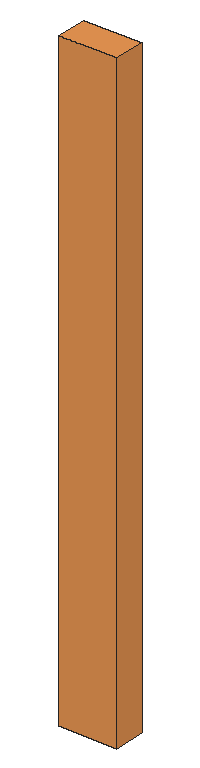
Revit family "BUS_Vertical Length 1600A", category Electrical Equipment, Revit 2025
Family settings
  Panel Configuration = Two Columns, Circuits Across
  Round Connector Dimension = Use Diameter
  Part Type = Panelboard
  OmniClass Number = 23.80.30.11.17
  OmniClass Title = Distribution Boards and Control Panels
  Work Plane-Based = No
  Always vertical = Yes
  Cut with Voids When Loaded = No
  Maintain Annotation Orientation = No
  Shared = No
  Room Calculation Point = No
Parameters (values of type "1600A Cu 4P+PE")
  built-in parameter 1140142 [instance] = -1
  Section Length [instance] = 3000 mm
  Rated Current = "1600 A"
  built-in parameter 1140140 [instance] = 1 (stored number, unit not read)
  built-in parameter 1155100 [instance] = -1
  Default Elevation = 0 mm
  Busduct Width = 280 mm
  Busduct Depth = 150 mm
Reference planes
  plane 1 "Center (Front/Back)": y = 0
  plane 2: z = 0
  plane 3 "Center (Left/Right)": x = 0
  plane 4 "Left": x = -140
  plane 5 "Right": x = 140
  plane 6 "Front": y = -75
  plane 7 "Back": y = 75
  plane 8 "Top": z = 3000
Forms (mm)
  Extrusion 1, solid, material "Busduct Housing"
    sketch origin (0, 0, 0) x (1, 0, 0) y (0, 1, 0)
      loop
        line (-140, -75) -> (140, -75) -> (140, 75) -> (-140, 75) -> (-140, -75)
    from 0 to 3000
Dimensions and locks
  equal spacing: plane 4 "Left", plane 3 "Center (Left/Right)", plane 5 "Right"
  "Busduct Width": plane 4 "Left" to plane 5 "Right"
  equal spacing: plane 6 "Front", plane 1 "Center (Front/Back)", plane 7 "Back"
  "Busduct Depth": plane 6 "Front" to plane 7 "Back"
  "Section Length": level to plane 8 "Top"
  aligned and locked: level to plane 2
  aligned and locked: Extrusion 1 to plane 8 "Top"
  aligned and locked: Extrusion 1 to level
  aligned and locked: Extrusion 1 to plane 5 "Right"
  aligned and locked: plane 7 "Back" to Extrusion 1
  aligned and locked: plane 4 "Left" to Extrusion 1
  aligned and locked: Extrusion 1 to plane 6 "Front"
Automatic sketch dimensions
  Extrusion 1 sketch curve to plane 4 "Left" = 0 mm
  Extrusion 1 sketch curve to plane 5 "Right" = 0 mm
  Extrusion 1 sketch curve to plane 6 "Front" = 0 mm
  Extrusion 1 sketch curve to plane 7 "Back" = 0 mm
